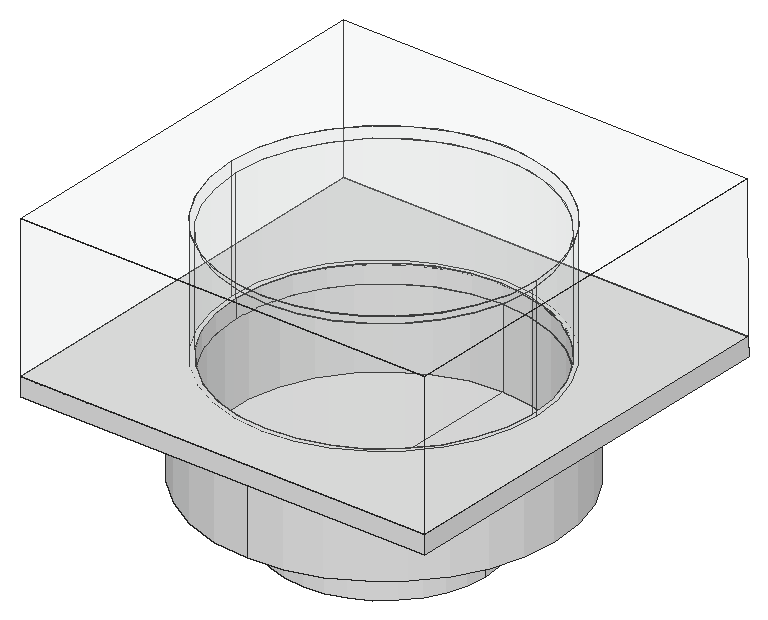
Revit family "Lighting_Fixture-Ceiling-Astro-Vancouver-Square", category Lighting Fixtures, host Face, Revit 2015
Parameters (values of type "5698 Vancouver 90 Square")
  Width = 90.00 mm
  Weight = "0.445kg"
  Wattage Comments = "9.8w"
  Wattage = 3.37952 W
  built-in parameter 1150110 = 1 (stored number, unit not read)
  Voltage = 230 V
  URL = "www.astrolighting.co.uk"
  Type Comments = "-76mm dia cut out size. -Requires a 350mA constant current driver, not included"
  built-in parameter 1114217 = 1 (stored number, unit not read)
  Tilt Angle = -90.00°
  built-in parameter 1150109 = 1 (stored number, unit not read)
  built-in parameter 1150134 = (empty or 0)
  built-in parameter 1150113 = 1 (stored number, unit not read)
  Support Height = 19.50 mm
  Suitable for bathroom zone = "Zone 2,3"
  Product Documentation = "http://www.astrolighting.co.uk/products/kw/Vancouver/5697_Vancouver-90-Round"
  Photometric Web File = "5697 VANCOUVER 90 LED.ies"
  Number of Poles = 1
  Mountable on normally flammable surfaces = "Yes"
  Mount Thickness = 4.00 mm
  Model = "5698 Vancouver 90 Square"
  Manufacturer = "Astro Lighting Ltd, CM20 2DP"
  built-in parameter 1150105 = 39.948 (stored number, unit not read)
  Lumens = 502 lm
  Luminaire Lamp Efficiency Rating = "A+"
  built-in parameter 1150115 = 1 (stored number, unit not read)
  Light Source Elevation = Mount Thickness  # 4.00 mm
  built-in parameter 1150137 = (empty or 0)
  built-in parameter 1150139 = (empty or 0)
  Length = 90.00 mm
  built-in parameter 1150112 = 1 (stored number, unit not read)
  built-in parameter 1150114 = 1 (stored number, unit not read)
  Lamp included = "Yes"
  Lamp = "LED"
  built-in parameter 1150132 = 2
  built-in parameter 1150102 = (empty or 0)
  built-in parameter 1150107 = 3000 (stored number, unit not read)
  built-in parameter 1150138 = (empty or 0)
  built-in parameter 1150106 = 0.39948 (stored number, unit not read)
  IP Rating = "IP44"
  Height = 35.50 mm
  Heat Sink Radius = Width * 0.25  # 22.50 mm
  Energy Efficiency Rating = "A+"
  built-in parameter 1150104 = 13.8 (stored number, unit not read)
  Dimming Lamp Color Temperature Shift = <None>
  Dimmable = "If a suitable dimmable driver is used"
  Diffuser Square = yes
  Diffuser Round = no
  Diffuser Radius = Width / 2  # 45.00 mm
  Diffuser Internal Radius = Diffuser Internal Diameter / 2  # 33.00 mm
  Diffuser Internal Diameter = 66.00 mm
  Diffuser I R Outer = Diffuser Internal Radius + 2.00 mm  # 35.00 mm
  Diffuser I R Etched = Diffuser Internal Radius + 1.00 mm  # 34.00 mm
  Diffuser Bottom Thickness = 4.50 mm
  Description = "Downlight"
  Default Elevation = 1219.20 mm
  Cut Out Radius = Cut Out Diameter / 2  # 38.00 mm
  Cut Out Diameter = 76.00 mm
  Cut Out Depth = 32.00 mm
  Color Filter = 16777215
  Class = 3
  Casing Material = Astro - Steel - Chrome Finish
  built-in parameter 1114218 = 1 (stored number, unit not read)
  built-in parameter 1150133 = 10 (stored number, unit not read)
  Manufacturer Contact = "01279 427001"
  Assembly Code = "D5020200"
  Apparent Load = 11.87 VA
Types (3, lengths in mm): name | Width | Weight | Wattage Comments | Wattage | Type Comments | Support Height | Product Documentation | Photometric Web File | Mount Thickness | Model | built-in parameter 1150105 | Lumens | Light Source Elevation | Length | built-in parameter 1150106 | Height | Heat Sink Radius | Diffuser Radius | Diffuser Internal Radius | Diffuser Internal Diameter | Diffuser I R Outer | Diffuser I R Etched | Cut Out Radius | Cut Out Diameter | Cut Out Depth | Apparent Load
  (no name) | 90.00 | "0.445kg" | "9.8w" | 3.37952 W | "-76mm dia cut out size. -Requires a 350mA constant current driver, not included" | 19.50 | "http://www.astrolighting.co.uk/products/kw/Vancouver/5697_Vancouver-90-Round" | "5697 VANCOUVER 90 LED.ies" | 4.00 | "5698 Vancouver 90 Square" | 39.948 (stored number, unit not read) | 502 lm | 4.00 | 90.00 | 0.39948 (stored number, unit not read) | 35.50 | 22.50 | 45.00 | 33.00 | 66.00 | 35.00 | 34.00 | 38.00 | 76.00 | 32.00 | 11.87 VA
  5695 Vancouver 45 Square | 45.00 | "0.115kg" | "2.3w" | 0.63955 W | "-35mm dia cut out size. -Requires a 700mA constant current driver, not included" | 5.00 | "http://www.astrolighting.co.uk/products/kw/Vancouver/5696_Vancouver-45-Round" | "5696 VANCOUVER 45 LED.ies" | 2.00 | "5695 Vancouver 45 Square" | 7.5599 (stored number, unit not read) | 95 lm | 2.00 | 45.00 | 0.075599 (stored number, unit not read) | 22.00 | 11.25 | 22.50 | 14.00 | 28.00 | 16.00 | 15.00 | 17.50 | 35.00 | 16.00 | 4.13 VA
  5698 Vancouver 90 Square | 90.00 | "0.445kg" | "9.8w" | 3.37952 W | "-76mm dia cut out size. -Requires a 350mA constant current driver, not included" | 19.50 | "http://www.astrolighting.co.uk/products/kw/Vancouver/5697_Vancouver-90-Round" | "5697 VANCOUVER 90 LED.ies" | 4.00 | "5698 Vancouver 90 Square" | 39.948 (stored number, unit not read) | 502 lm | 4.00 | 90.00 | 0.39948 (stored number, unit not read) | 35.50 | 22.50 | 45.00 | 33.00 | 66.00 | 35.00 | 34.00 | 38.00 | 76.00 | 32.00 | 11.87 VA
Reference planes
  plane 1 "Center (Front/Back)": y = 0
  plane 2: z = 0
  plane 3 "Center (Left/Right)": x = 0
  plane 4 "Light Source Elevation": z = 4
  plane 5 "Left": x = -45
  plane 6 "Right": x = 45
  plane 7 "Front": y = 45
  plane 8 "Back": y = -45
  plane 9 "Bottom": z = 35.5
  plane 10 "Top": z = -32
  plane 11 "Diffuser Top": z = 4
  plane 12: z = -2
  plane 13 "Diffuser Internal": z = 31
Forms (mm)
  Extrusion 1, void
    sketch origin (0, 0, 0) x (0, 1, 0) y (1, 0, 0)
      loop
        circle (0, 0) r 38
    from 0 to 32
  Extrusion 2, void
    sketch origin (0, 0, 0) x (0, 1, 0) y (1, 0, 0)
      loop
        line (-45, -45) -> (45, -45) -> (45, 45) -> (-45, 45) -> (-45, -45)
    from 2 to 32
  Revolve 3, solid, material "Astro - Steel - Chrome Finish" <- "Casing Material"
    sketch origin (0, 0, 0) x (0, 1, 0) y (0, 0, 1)
      loop
        line (38, 0) -> (33, 0) -> (33, -17.5) -> (0, -17.5) -> (0, -19.5) -> (38, -19.5) -> (38, 0)
      axis (0, -19.5) -> (0, 0)
    angle from 0 to 360
  Extrusion 4, solid, material "Astro - Acrylic - Frosted"
    sketch origin (0, 0, 0) x (1, 0, 0) y (0, 1, 0)
      loop
        circle (0, 0) r 34
      loop
        circle (0, 0) r 33
    from 4 to 31
  Extrusion 5, solid, material "Astro - Acrylic - Frosted"
    sketch origin (0, 0, 0) x (1, 0, 0) y (0, 1, 0)
      loop
        circle (0, 0) r 34
    from 31 to 29
  Extrusion 6, solid, material "Astro - Steel - Chrome Finish" <- "Casing Material", visible <- "Diffuser Square"
    sketch origin (0, 0, 0) x (1, 0, 0) y (0, 1, 0)
      loop
        line (-45, 45) -> (-45, -45) -> (45, -45) -> (45, 45) -> (-45, 45)
      loop
        circle (0, 0) r 33
    from 0 to 4
  Extrusion 7, solid, material "Astro - Acrylic - Clear", visible <- "Diffuser Square"
    sketch origin (0, 0, 0) x (1, 0, 0) y (0, 1, 0)
      loop
        line (-45, 45) -> (-45, -45) -> (45, -45) -> (45, 45) -> (-45, 45)
      loop
        circle (0, 0) r 34
    from 4 to 35.5
  Extrusion 8, solid, material "Astro - Acrylic - Clear", visible <- "Diffuser Square"
    sketch origin (0, 0, 0) x (1, 0, 0) y (0, 1, 0)
      loop
        line (-45, 45) -> (-45, -45) -> (45, -45) -> (45, 45) -> (-45, 45)
    from 31 to 35.5
  Extrusion 9, solid, material "Astro - Steel - Chrome Finish" <- "Casing Material", detail levels fine
    sketch origin (0, 0, 0) x (1, 0, 0) y (0, 1, 0)
      loop
        circle (0, 0) r 22.5
    from -32 to -19.5
Cuts and joins
  joined: Extrusion 4, Extrusion 5
  joined: Extrusion 7, Extrusion 8
Dimensions and locks
  "Light Source Elevation": plane 4 "Light Source Elevation" to plane 2
  equal spacing: plane 5 "Left", plane 3 "Center (Left/Right)", plane 6 "Right"
  "Length": plane 5 "Left" to plane 6 "Right"
  equal spacing: plane 7 "Front", plane 1 "Center (Front/Back)", plane 8 "Back"
  "Width": plane 7 "Front" to plane 8 "Back"
  "Height": plane 9 "Bottom" to plane 2
  "Mount Thickness": plane 11 "Diffuser Top" to plane 2
  locked: plane 2 to plane 12 at 2
  "Diffuser Bottom Thickness": plane 9 "Bottom" to plane 13 "Diffuser Internal"
  "Cut Out Radius": Revolve 3 sketch curve to Revolve 3 sketch curve
  "Diffuser Internal Radius": Revolve 3 sketch curve to Revolve 3 sketch curve
  "Cut Out Depth": plane 2 to plane 10 "Top"
  "Support Height": Revolve 3 sketch curve to plane 2
  locked: Revolve 3 sketch curve to Revolve 3 sketch curve at 2
  locked: cut or joined group of Extrusion 4, Extrusion 5 to plane 13 "Diffuser Internal" at 2
  "Cut Out Radius": radius of Extrusion 1 sketch curve
  "Diffuser Internal Radius": radius of Extrusion 4 sketch curve
  "Diffuser I R Etched": radius of Extrusion 4 sketch curve
  "Diffuser I R Etched": radius of Extrusion 5 sketch curve
  "Diffuser Internal Radius": radius of Extrusion 6 sketch curve
  "Diffuser I R Etched": radius of Extrusion 7 sketch curve
  "Heat Sink Radius": radius of Extrusion 9 sketch curve
  aligned and locked: plane 2 to host face
  aligned and locked: level to host face
  aligned and locked: plane 3 "Center (Left/Right)" to imposter light
  aligned and locked: imposter light to plane 4 "Light Source Elevation"
  aligned and locked: plane 3 "Center (Left/Right)" to Extrusion 1 sketch curve
  aligned and locked: plane 1 "Center (Front/Back)" to Extrusion 1 sketch curve
  aligned and locked: Extrusion 1 to plane 10 "Top"
  aligned and locked: plane 8 "Back" to Extrusion 2 sketch curve
  aligned and locked: plane 5 "Left" to Extrusion 2 sketch curve
  aligned and locked: Extrusion 2 sketch curve to plane 7 "Front"
  aligned and locked: Extrusion 2 sketch curve to plane 6 "Right"
  aligned and locked: Extrusion 2 to plane 10 "Top"
  aligned and locked: imposter light to Revolve 3 sketch curve
  aligned and locked: plane 2 to Revolve 3 sketch curve
  aligned and locked: plane 3 "Center (Left/Right)" to Extrusion 4 sketch curve  (x2)
  aligned and locked: plane 1 "Center (Front/Back)" to Extrusion 4 sketch curve  (x2)
  aligned and locked: plane 3 "Center (Left/Right)" to Extrusion 5 sketch curve
  aligned and locked: plane 1 "Center (Front/Back)" to Extrusion 5 sketch curve
  aligned and locked: Extrusion 5 to plane 13 "Diffuser Internal"
  aligned and locked: Extrusion 4 to plane 4 "Light Source Elevation"
  aligned and locked: Extrusion 6 sketch curve to plane 7 "Front"
  aligned and locked: plane 5 "Left" to Extrusion 6 sketch curve
  aligned and locked: plane 8 "Back" to Extrusion 6 sketch curve
  aligned and locked: Extrusion 6 sketch curve to plane 6 "Right"
  aligned and locked: plane 3 "Center (Left/Right)" to Extrusion 6 sketch curve
  aligned and locked: plane 1 "Center (Front/Back)" to Extrusion 6 sketch curve
  aligned and locked: Extrusion 6 to plane 2
  aligned and locked: plane 4 "Light Source Elevation" to Extrusion 6
  aligned and locked: Extrusion 7 sketch curve to Extrusion 6  (x4)
  aligned and locked: plane 3 "Center (Left/Right)" to Extrusion 7 sketch curve
  aligned and locked: plane 1 "Center (Front/Back)" to Extrusion 7 sketch curve
  aligned and locked: Extrusion 7 to plane 11 "Diffuser Top"
  aligned and locked: plane 9 "Bottom" to Extrusion 7
  aligned and locked: Extrusion 8 sketch curve to Extrusion 6  (x4)
  aligned and locked: plane 9 "Bottom" to Extrusion 8
  aligned and locked: plane 3 "Center (Left/Right)" to Extrusion 9 sketch curve
  aligned and locked: plane 1 "Center (Front/Back)" to Extrusion 9 sketch curve
  aligned and locked: Extrusion 9 to plane 10 "Top"
  aligned and locked: plane 12 to Extrusion 2
  aligned and locked: Revolve 3 to Extrusion 9
  aligned and locked: plane 13 "Diffuser Internal" to Extrusion 4
  aligned and locked: Extrusion 8 to plane 13 "Diffuser Internal"
Automatic sketch dimensions
  host sketch curve to host sketch curve = 162.724 mm
  host sketch curve to host sketch curve = 172.928 mm
  Revolve 3 sketch curve to plane 1 "Center (Front/Back)" = 0.00 mm
  Revolve 3 sketch curve to plane 10 "Top" = 12.243 mm
  Revolve 3 sketch curve to plane 13 "Diffuser Internal" = 7.315 mm
Connectors
  electrical at (0, 0, -32), driven by "Number of Poles", driven by "Voltage", driven by "Apparent Load"
    settings: on Extrusion 9, index 1, voltage 230 V, apparent load 0 VA, apparent load phase1 11.87 VA, apparent load phase2 0 VA, apparent load phase3 0 VA, power factor 1, load classification "Other", number of poles 1, system type 31, power factor state 1, is connector primary yes, connector utility no, sub classification motor no, connector description ""
